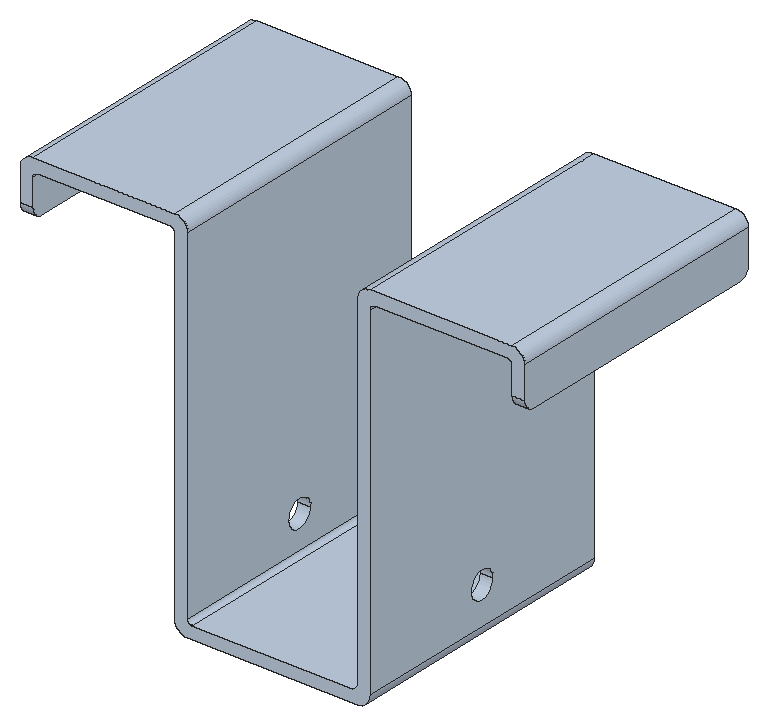
Revit family "SPFH", category 機械設備, Revit 2020
Family settings
  丸型コネクタ寸法 = 直径を使用
  パーツ タイプ = 標準
  OmniClass 番号 = 23.75.00.00
  OmniClass タイトル = Climate Control (HVAC)
  作業面ベース = いいえ
  常に垂直 = はい
  ロード時にボイドで切り取り = いいえ
  共有 = はい
  部屋計算ポイント = いいえ
Parameters (values of type "先行ﾋﾟｰｽ取付金物　C65用")
  製造元 = "株式会社サンユー"
  既定の高さ = 0 mm
  先行ﾋﾟｰｽ取付金物 ﾏﾃﾘｱﾙ [instance] = 溶融亜鉛メッキ
  W = 30.4 mm
  URL = "http://www.3you.co.jp/"
  H = 65 mm
Types (4, lengths in mm): name | W | H
  (no name) | 30.4 | 65
  先行ﾋﾟｰｽ取付金物　C65用 | 30.4 | 65
  先行ﾋﾟｰｽ取付金物　C75用 | 45.4 | 75
  先行ﾋﾟｰｽ取付金物　C90用 | 45.4 | 90
Reference planes
  plane 1 "中心(正面/背面)": y = 0
  plane 2: z = 0
  plane 3 "中心(左/右)": x = 0
  plane 4: x = -15.2
  plane 5: x = 15.2
  plane 6: x = 17.5
  plane 7: x = -17.5
  plane 8: x = 42.9
  plane 9: x = -42.9
  plane 10: x = 45.2
  plane 11: x = -45.2
  plane 12: z = -65
  plane 13: z = -67.3
  plane 14: z = -10
  plane 15: z = -2.3
  plane 16: z = -58.3
  plane 17: y = -25
Forms (mm)
  Extrusion 1, solid, material "溶融亜鉛メッキ" <- "先行ﾋﾟｰｽ取付金物 ﾏﾃﾘｱﾙ"
    sketch origin (0, 0, 0) x (1, 0, 0) y (0, 0, 1)
      loop
        line (-45.2, -2.3) -> (-45.2, -10) -> (-42.9, -10) -> (-42.9, -3.1)
        arc (-42.9, -3.1) -> (-42.666, -2.534) -> (-42.1, -2.3) r 0.8
        line (-42.1, -2.3) -> (-18.3, -2.3)
        arc (-18.3, -2.3) -> (-17.734, -2.534) -> (-17.5, -3.1) r 0.8
        line (-17.5, -3.1) -> (-17.5, -65)
        arc (-17.5, -65) -> (-16.826, -66.626) -> (-15.2, -67.3) r 2.3
        line (-15.2, -67.3) -> (15.2, -67.3)
        arc (15.2, -67.3) -> (16.826, -66.626) -> (17.5, -65) r 2.3
        line (17.5, -65) -> (17.5, -3.1)
        arc (17.5, -3.1) -> (17.734, -2.534) -> (18.3, -2.3) r 0.8
        line (18.3, -2.3) -> (42.1, -2.3)
        arc (42.1, -2.3) -> (42.666, -2.534) -> (42.9, -3.1) r 0.8
        line (42.9, -3.1) -> (42.9, -10) -> (45.2, -10) -> (45.2, -2.3)
        arc (45.2, -2.3) -> (44.526, -0.674) -> (42.9, 0) r 2.3
        line (42.9, 0) -> (17.5, 0)
        arc (17.5, 0) -> (15.874, -0.674) -> (15.2, -2.3) r 2.3
        line (15.2, -2.3) -> (15.2, -64.2)
        arc (15.2, -64.2) -> (14.966, -64.766) -> (14.4, -65) r 0.8
        line (14.4, -65) -> (-14.4, -65)
        arc (-14.4, -65) -> (-14.966, -64.766) -> (-15.2, -64.2) r 0.8
        line (-15.2, -64.2) -> (-15.2, -2.3)
        arc (-15.2, -2.3) -> (-15.874, -0.674) -> (-17.5, 0) r 2.3
        line (-17.5, 0) -> (-42.9, 0)
        arc (-42.9, 0) -> (-44.526, -0.674) -> (-45.2, -2.3) r 2.3
    from 0 to 50
  Extrusion 2, void
    sketch origin (0, 0, 0) x (0, 1, 0) y (0, 0, 1)
      loop
        circle (-25, -58.3) r 2.5
    from 15.2 to 17.5
  Extrusion 3, void
    sketch origin (5, 0, 0) x (0, 1, 0) y (0, 0, -1)
      loop
        circle (-25, 58.3) r 2.5
    from 20.2 to 22.5
  Extrusion 4, void
    sketch origin (0, 0, 0) x (1, 0, 0) y (0, 1, 0)
      loop
        circle (0, -25) r 2.5
    from -65 to -67.3
  Extrusion 5, void
    sketch origin (0, 0, 0) x (0, 1, 0) y (0, 0, 1)
      loop
        line (-50, -10) -> (-48, -10)
        arc (-48, -10) -> (-49.414, -9.414) -> (-50, -8) r 2
        line (-50, -8) -> (-50, -10)
      loop
        line (0, -10) -> (0, -8)
        arc (0, -8) -> (-0.586, -9.414) -> (-2, -10) r 2
        line (-2, -10) -> (0, -10)
    from -42.9 to -45.2
  Extrusion 6, void
    sketch origin (0, 0, 0) x (0, 1, 0) y (0, 0, -1)
      loop
        line (-50, 10) -> (-50, 8)
        arc (-50, 8) -> (-49.414, 9.414) -> (-48, 10) r 2
        line (-48, 10) -> (-50, 10)
      loop
        line (0, 10) -> (-2, 10)
        arc (-2, 10) -> (-0.586, 9.414) -> (0, 8) r 2
        line (0, 8) -> (0, 10)
    from -42.9 to -45.2
Cuts and joins
  Extrusion 2, Extrusion 3, Extrusion 4, Extrusion 5, Extrusion 6 cuts Extrusion 1
Dimensions and locks
  plane 4 to plane 7 to plane 9 to plane 11 = 2.3 mm locked, 25.4 mm locked, 2.3 mm locked
  plane 10 to plane 8 to plane 6 to plane 5 = 2.3 mm locked, 25.4 mm locked, 2.3 mm locked
  "W": plane 5 to plane 4
  plane 6 to plane 7 = 35 mm
  plane 2 to plane 15 to plane 14 = 2.3 mm locked, 7.7 mm locked
  "H": plane 2 to plane 12
  equal spacing: plane 5, plane 3 "中心(左/右)", plane 4
  plane 16 to plane 12 to plane 13 = 6.7 mm locked, 2.3 mm locked
  aligned and locked: level to plane 2
  aligned and locked: Extrusion 2 to plane 5
  aligned and locked: plane 6 to Extrusion 2
  aligned and locked: Extrusion 3 to plane 7
  aligned and locked: Extrusion 4 to plane 12
  aligned and locked: Extrusion 4 to plane 13
  aligned and locked: Extrusion 5 to plane 11
  aligned and locked: plane 9 to Extrusion 5
  aligned and locked: plane 10 to Extrusion 6
  aligned and locked: plane 4 to Extrusion 3
Automatic sketch dimensions
  Extrusion 1 sketch curve to plane 11 = 0 mm
  Extrusion 1 sketch curve to plane 9 = 0 mm  (x2)
  Extrusion 1 sketch curve to level = 0 mm  (x2)
  Extrusion 1 sketch curve to plane 15 = 0 mm  (x2)
  Extrusion 1 sketch curve to plane 7 = 0 mm  (x2)
  Extrusion 1 sketch curve to plane 4 = 0 mm  (x2)
  Extrusion 1 sketch curve to plane 12 = 0 mm
  Extrusion 1 sketch curve to plane 5 = 0 mm  (x2)
  Extrusion 1 sketch curve to plane 6 = 0 mm  (x2)
  Extrusion 1 sketch curve to plane 8 = 0 mm  (x2)
  Extrusion 1 sketch curve to plane 10 = 0 mm
  Extrusion 1 sketch curve to plane 13 = 0 mm
  Extrusion 1 sketch curve to plane 14 = 0 mm  (x2)
  plane 9 to Extrusion 1 sketch curve = 0.8 mm
  Extrusion 1 sketch curve to Extrusion 1 sketch curve = 0.8 mm  (x3)
  Extrusion 1 sketch curve to plane 5 = 0.8 mm
  plane 6 to Extrusion 1 sketch curve = 0.8 mm
  Extrusion 2 sketch curve to plane 16 = 0 mm
  Extrusion 2 sketch curve to plane 17 = 0 mm
  Extrusion 3 sketch curve to plane 16 = 0 mm
  Extrusion 3 sketch curve to plane 17 = 0 mm
  Extrusion 4 sketch curve to plane 3 "中心(左/右)" = 0 mm
  Extrusion 4 sketch curve to plane 17 = 0 mm
  Extrusion 5 sketch curve to plane 14 = 0 mm  (x2)
  Extrusion 5 sketch curve to plane 1 "中心(正面/背面)" = 0 mm
  plane 1 "中心(正面/背面)" to Extrusion 5 sketch curve = 2 mm
  Extrusion 5 sketch curve to plane 17 = 23 mm
  Extrusion 5 sketch curve to Extrusion 5 sketch curve = 2 mm
  Extrusion 6 sketch curve to plane 14 = 0 mm  (x2)
  Extrusion 6 sketch curve to plane 1 "中心(正面/背面)" = 0 mm
  plane 1 "中心(正面/背面)" to Extrusion 6 sketch curve = 2 mm
  Extrusion 6 sketch curve to plane 17 = 23 mm
  Extrusion 6 sketch curve to Extrusion 6 sketch curve = 2 mm
  radius of Extrusion 2 sketch curve = 2.5 mm
  radius of Extrusion 3 sketch curve = 2.5 mm
  radius of Extrusion 4 sketch curve = 2.5 mm
